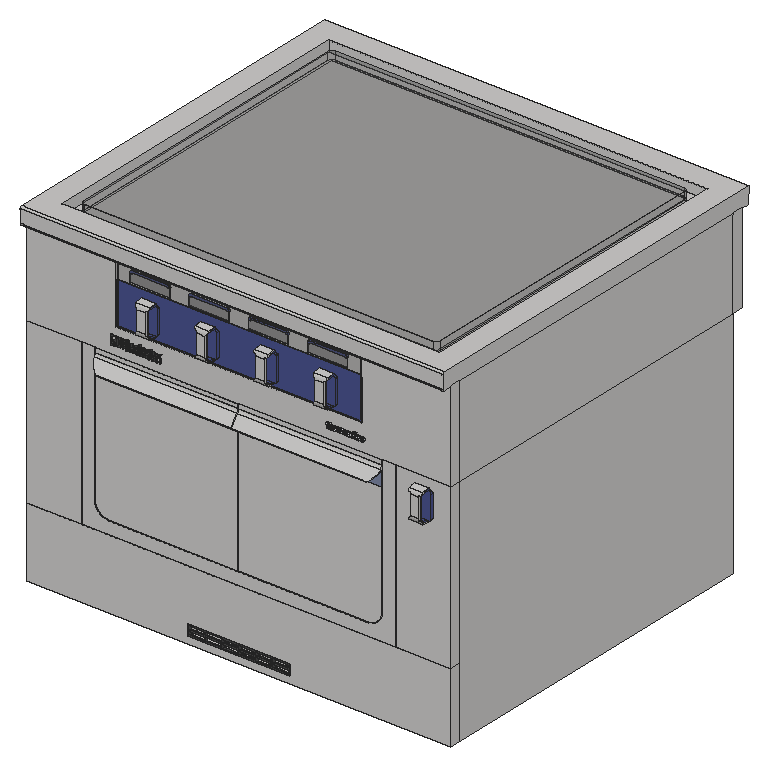
Revit family "QF_ELECTROLUXPROFESSIONAL_589674_MCIQFAJ4AO", category Attrezzature speciali, Revit 2020
Family settings
  Quota connettore circolare = Usa diametro
  Tipo di parte = Normale
  Basato su piano di lavoro = No
  Sempre verticale = Sì
  Taglio con vuoti quando caricato = No
  Condiviso = No
  Punto di calcolo locali = No
Parameters (values of type "Standard")
  Weight = 132.00 kg
  Watts = 22000 W
  Volts = 400 V
  URL Manufacturer = "https://www.electroluxprofessional.com/"
  URL = "https://www.electroluxprofessional.com/"
  Steam Supply Size = 0"
  Steam Supply Minimum Pressure = 0.00 psi
  Steam Supply Maximum Pressure = 0.00 psi
  Steam Consumption per Hour = 0
  Refrigeration Suction Line Size = 0 mm
  Refrigeration Liquid Line Size = 0 mm
  Refrigerant Compressor Remote = yes
  Prospetto di default = 0 mm
  Phase = 3
  Modello = "MCIQFAJ4AO"
  Produttore = "Electrolux Professional"
  Length Actual = 1000 mm  # constant formula
  Item Number = "589674"
  Hot Water Size = 0"
  Height Actual = 800 mm  # constant formula
  HP = "29.5 HP"
  Gas Size = 0"
  Gas KW = 0
  Gas Input Pressure = 0.0 Btu/h
  Direct Waste Size = 0"
  Descrizione = "INDUCTION,4Z,WARM CAB,1S,1000X900X800H"
  Depth Actual = 900 mm  # constant formula
  Cycle = 50 Hz
  Condensate Return Size = 0"
  Compressed Air Volume = 0 GPM
  Compressed Air Size = 0"
  Compressed Air Pressure = 0.00 psi
  Cold Water Size = 0"
  Accessory = yes
Reference planes
  plane 1 "BACK": y = 0
  plane 2: z = 0
  plane 3 "LEFT": x = -100
  plane 4 "RIGHT": x = 900
  plane 5 "FRONT": y = -900
  plane 6 "TOP": z = 900
  plane 7 "Center (Left/Right)": x = 400
  plane 8: y = -450
  plane 9: z = 100
  plane 10: y = -150
  plane 11 "Panel": y = -855
  plane 12: z = 798
  plane 13: z = 1327
  plane 14: x = -22
  plane 15: x = 822
  plane 16: y = -150
  plane 17: y = -650
  plane 18 "EIx": x = 855
  plane 19 "EIy": y = -685
  plane 20: y = -880
  plane 21: z = 938
  plane 22: x = 835
Forms (mm)
  Extrusion 1, solid, material "QF_Finishes_Stainless Steel"
    sketch origin (-178.969, -4572, 100) x (-1, 0, 0) y (0, -1, 0)
      loop
        line (-78.969, -4527) -> (-78.969, -3717) -> (-1078.969, -3717) -> (-1078.969, -4527) -> (-78.969, -4527)
    from 550 to 762.969
  Extrusion 2, solid, material "QF_Finishes_Stainless Steel"
    sketch origin (-100, 0, 0) x (0, 1, 0) y (0, 0, 1)
      loop
        line (-855, 100) -> (-855, 265) -> (-880, 265) -> (-880, 100) -> (-855, 100)
    from 0 to 1000
  Extrusion 3, solid, material "QF_Finishes_Stainless Steel"
    sketch origin (-488.969, -4662, 100) x (-1, 0, 0) y (0, -1, 0)
      loop
        circle (-1343.969, -3977) r 6.35
    from 0 to -11.851
  Extrusion 4, solid, material "QF_Finishes_Stainless Steel"
    sketch origin (400, 296.4, 1219.2) x (0, 1, 0) y (0, 0, 1)
      loop
        line (-296.4, -319.2) -> (-1191.4, -319.2)
        arc (-1191.4, -319.2) -> (-1194.935, -320.664) -> (-1196.4, -324.2) r 5
        line (-1196.4, -324.2) -> (-1196.4, -355.2)
        arc (-1196.4, -355.2) -> (-1194.971, -358.264) -> (-1191.705, -359.139) r 4
        line (-1191.705, -359.139) -> (-1176.4, -356.231) -> (-316.4, -356.231) -> (-301.094, -359.139)
        arc (-301.094, -359.139) -> (-297.829, -358.264) -> (-296.4, -355.2) r 4
        line (-296.4, -355.2) -> (-296.4, -319.2)
    from -500 to 500
  Extrusion 5, solid, material "QF_Finishes_Electrolux_Black Smoke Iluminated"
    sketch origin (0, 0, 900) x (-1, 0, 0) y (0, -1, 0)
      loop
        arc (12, 79) -> (19.071, 81.929) -> (22, 89) r 10
        line (22, 89) -> (22, 810)
        arc (22, 810) -> (19.071, 817.071) -> (12, 820) r 10
        line (12, 820) -> (-812, 820)
        arc (-812, 820) -> (-819.071, 817.071) -> (-822, 810) r 10
        line (-822, 810) -> (-822, 89)
        arc (-822, 89) -> (-819.071, 81.929) -> (-812, 79) r 10
        line (-812, 79) -> (12, 79)
    from 0 to -20
  Extrusion 6, solid, material "QF_Finishes_Stainless Steel"
    sketch origin (-178.969, -4572, 100) x (-1, 0, 0) y (0, -1, 0)
      loop
        line (-78.969, -4527) -> (-78.969, -3717) -> (-1078.969, -3717) -> (-1078.969, -4527) -> (-78.969, -4527)
    from 550 to 0
  Extrusion 7, void
    sketch origin (0, -855, 0) x (-1, 0, 0) y (0, 0, 1)
      loop
        line (-520, 116.594) -> (-280, 116.594) -> (-280, 141.594) -> (-520, 141.594) -> (-520, 116.594)
    from 0 to -25
  Extrusion 8, solid, material "QF_Finishes_Black"
    sketch origin (0, -855, 0) x (-1, 0, 0) y (0, 0, 1)
      loop
        line (-280, 141.594) -> (-520, 141.594) -> (-520, 116.594) -> (-280, 116.594) -> (-280, 141.594)
      loop
        line (-282, 139.594) -> (-319.131, 139.594) -> (-319.131, 130.094) -> (-282, 130.094) -> (-282, 139.594)
      loop
        line (-282, 118.594) -> (-282, 128.094) -> (-319.131, 128.094) -> (-319.131, 118.594) -> (-282, 118.594)
      loop
        line (-321.131, 139.594) -> (-359.066, 139.594) -> (-359.066, 130.094) -> (-321.131, 130.094) -> (-321.131, 139.594)
      loop
        line (-399, 139.594) -> (-399, 130.094) -> (-361.066, 130.094) -> (-361.066, 139.594) -> (-399, 139.594)
      loop
        line (-401, 139.594) -> (-438.934, 139.594) -> (-438.934, 130.094) -> (-401, 130.094) -> (-401, 139.594)
      loop
        line (-359.066, 118.594) -> (-321.131, 118.594) -> (-321.131, 128.094) -> (-359.066, 128.094) -> (-359.066, 118.594)
      loop
        line (-361.066, 118.594) -> (-361.066, 128.094) -> (-399, 128.094) -> (-399, 118.594) -> (-361.066, 118.594)
      loop
        line (-401, 128.094) -> (-438.934, 128.094) -> (-438.934, 118.594) -> (-401, 118.594) -> (-401, 128.094)
      loop
        line (-518, 139.594) -> (-518, 130.094) -> (-480.869, 130.094) -> (-480.869, 139.594) -> (-518, 139.594)
      loop
        line (-518, 118.594) -> (-480.869, 118.594) -> (-480.869, 128.094) -> (-518, 128.094) -> (-518, 118.594)
      loop
        line (-478.869, 139.594) -> (-478.869, 130.094) -> (-440.934, 130.094) -> (-440.934, 139.594) -> (-478.869, 139.594)
      loop
        line (-440.934, 118.594) -> (-440.934, 128.094) -> (-478.869, 128.094) -> (-478.869, 118.594) -> (-440.934, 118.594)
    from -20 to -25
  Extrusion 9, void
    sketch origin (0, 0, 900) x (-1, 0, 0) y (0, -1, 0)
      loop
        line (47, 845) -> (-847, 845) -> (-847, 54) -> (47, 54) -> (47, 845)
    from 0 to -25
  Extrusion 10, solid, material "QF_Finishes_Stainless Steel"
    sketch origin (0, 0, 900) x (-1, 0, 0) y (0, -1, 0)
      loop
        line (18, 83) -> (18, 816) -> (-818, 816) -> (-818, 83) -> (18, 83)
    from -20 to -25
  Extrusion 11, solid, material "QF_Finishes_Stainless Steel"
    sketch origin (0, -900, 0) x (1, 0, 0) y (0, 0, 1)
      loop
        line (-100, 650) -> (-100, 265) -> (30, 265) -> (30, 650) -> (-100, 650)
      loop
        line (900, 650) -> (770, 650) -> (770, 265) -> (900, 265) -> (900, 650)
    from -45 to -20
  Extrusion 12, solid, material "QF_Finishes_Stainless Steel"
    sketch origin (0, -900, 0) x (1, 0, 0) y (0, 0, 1)
      loop
        line (30, 265) -> (770, 265) -> (770, 650) -> (740, 650) -> (740, 327)
        arc (740, 327) -> (730.627, 304.373) -> (708, 295) r 32
        line (708, 295) -> (92, 295)
        arc (92, 295) -> (69.373, 304.373) -> (60, 327) r 32
        line (60, 327) -> (60, 650) -> (30, 650) -> (30, 265)
    from -45 to -20
  Extrusion 13, solid, material "QF_Finishes_Stainless Steel"
    sketch origin (400, 296.4, 1219.2) x (0, 1, 0) y (0, 0, 1)
      loop
        line (-341.4, -356.2) -> (-341.4, -569.2) -> (-316.4, -569.2) -> (-316.4, -356.2) -> (-341.4, -356.2)
    from -500 to 500
Cuts and joins
  Extrusion 7 cuts Extrusion 6
  Extrusion 7 cuts Extrusion 2
  Extrusion 9 cuts Extrusion 4
Lines and regions (mm)
  symbolic lines
    curve 1: line (-100, 0, 100) -> (900, 0, 100)
    curve 2: line (-100, -900, 100) -> (-100, 0, 100)
    curve 3: line (900, -900, 100) -> (-100, -900, 100)
    curve 4: line (900, 0, 100) -> (900, -900, 100)
    curve 5: line (812, -79, 100) -> (-12, -79, 100)
    curve 6: line (-22, -89, 100) -> (-22, -810, 100)
    curve 7: line (-12, -820, 100) -> (812, -820, 100)
    curve 8: line (822, -810, 100) -> (822, -89, 100)
    curve 9: arc (-12, -79, 100) -> (-19.071, -81.929, 100) -> (-22, -89, 100) r 10
    curve 10: arc (822, -89, 100) -> (819.071, -81.929, 100) -> (812, -79, 100) r 10
    curve 11: arc (812, -820, 100) -> (819.071, -817.071, 100) -> (822, -810, 100) r 10
    curve 12: arc (-22, -810, 100) -> (-19.071, -817.071, 100) -> (-12, -820, 100) r 10
    curve 13: line (847, -54, 900) -> (-47, -54, 900)
    curve 14: line (-47, -54, 900) -> (-47, -845, 900)
    curve 15: line (847, -845, 900) -> (847, -54, 900)
    curve 16: line (-47, -845, 900) -> (847, -845, 900)
  model lines
    curve 17: line (64.474, -422.012, 900) -> (46.796, -404.335, 900)
    curve 18: line (46.796, -404.335, 900) -> (46.796, -169.335, 900)
    curve 19: line (46.796, -169.335, 900) -> (64.474, -151.657, 900)
    curve 20: line (183.85, -245.603, 900) -> (183.85, -325.603, 900)
    curve 21: line (143.85, -285.603, 900) -> (223.85, -285.603, 900)
    curve 22: line (303.226, -422.012, 900) -> (320.903, -404.335, 900)
    curve 23: line (320.903, -404.335, 900) -> (320.903, -169.335, 900)
    curve 24: line (320.903, -169.335, 900) -> (303.226, -151.657, 900)
    curve 25: line (494.474, -422.012, 900) -> (476.796, -404.335, 900)
    curve 26: line (476.796, -404.335, 900) -> (476.796, -169.335, 900)
    curve 27: line (476.796, -169.335, 900) -> (494.474, -151.657, 900)
    curve 28: line (613.85, -245.603, 900) -> (613.85, -325.603, 900)
    curve 29: line (573.85, -285.603, 900) -> (653.85, -285.603, 900)
    curve 30: line (733.226, -422.012, 900) -> (750.903, -404.335, 900)
    curve 31: line (750.903, -404.335, 900) -> (750.903, -169.335, 900)
    curve 32: line (750.903, -169.335, 900) -> (733.226, -151.657, 900)
    curve 33: line (64.474, -477.988, 900) -> (46.796, -495.665, 900)
    curve 34: line (46.796, -495.665, 900) -> (46.796, -730.665, 900)
    curve 35: line (46.796, -730.665, 900) -> (64.474, -748.343, 900)
    curve 36: line (183.85, -654.397, 900) -> (183.85, -574.397, 900)
    curve 37: line (143.85, -614.397, 900) -> (223.85, -614.397, 900)
    curve 38: line (303.226, -477.988, 900) -> (320.903, -495.665, 900)
    curve 39: line (320.903, -495.665, 900) -> (320.903, -730.665, 900)
    curve 40: line (320.903, -730.665, 900) -> (303.226, -748.343, 900)
    curve 41: line (494.474, -477.988, 900) -> (476.796, -495.665, 900)
    curve 42: line (476.796, -495.665, 900) -> (476.796, -730.665, 900)
    curve 43: line (476.796, -730.665, 900) -> (494.474, -748.343, 900)
    curve 44: line (613.85, -654.397, 900) -> (613.85, -574.397, 900)
    curve 45: line (573.85, -614.397, 900) -> (653.85, -614.397, 900)
    curve 46: line (733.226, -477.988, 900) -> (750.903, -495.665, 900)
    curve 47: line (750.903, -495.665, 900) -> (750.903, -730.665, 900)
    curve 48: line (750.903, -730.665, 900) -> (733.226, -748.343, 900)
    curve 49: line (-7.896, -110.891, 900) -> (13.317, -89.677, 900)
    curve 50: line (13.317, -89.677, 900) -> (786.683, -89.677, 900)
    curve 51: line (807.896, -110.891, 900) -> (786.683, -89.677, 900)
    curve 52: line (-7.896, -789.109, 900) -> (13.317, -810.323, 900)
    curve 53: line (13.317, -810.323, 900) -> (786.683, -810.323, 900)
    curve 54: line (807.896, -789.109, 900) -> (786.683, -810.323, 900)
Dimensions and locks
  plane 3 "LEFT" to plane 4 "RIGHT" = 1000 mm
  plane 5 "FRONT" to plane 1 "BACK" = 900 mm
  plane 3 "LEFT" to plane 7 "Center (Left/Right)" to plane 4 "RIGHT" = 500 mm, 500 mm
  equal spacing: plane 5 "FRONT", plane 8, plane 1 "BACK"
  plane 6 "TOP" to level = 900 mm  (x2)
  plane 9 to level = 100 mm
  plane 1 "BACK" to plane 10 to plane 11 "Panel" = 150 mm, 705 mm  (x2)
  plane 6 "TOP" to plane 9 to level = 800 mm, 100 mm
  plane 1 "BACK" to plane 5 "FRONT" = 900 mm
  plane 1 "BACK" to Extrusion 3 = 685 mm
  plane 12 to plane 9 = 698 mm
  plane 13 to plane 6 "TOP" = 427 mm
  plane 6 "TOP" to plane 12 = 102 mm
  plane 14 to plane 3 "LEFT" = 78 mm
  plane 15 to plane 4 "RIGHT" = 78 mm
  locked: plane 1 "BACK" to plane 16 at 150
  locked: plane 16 to plane 17 at 500
  plane 11 "Panel" to plane 5 "FRONT" = 45 mm
  plane 18 "EIx" to plane 4 "RIGHT" = 45 mm
  plane 19 "EIy" to plane 1 "BACK" = 685 mm
  locked: plane 11 "Panel" to plane 20 at 25
  plane 21 to plane 6 "TOP" = 38 mm
  plane 22 to plane 4 "RIGHT" = 65 mm
  aligned and locked: level to plane 2
  aligned and locked: Extrusion 2 to plane 4 "RIGHT"
  aligned and locked: cut or joined group of Extrusion 4, Extrusion 9 to plane 3 "LEFT"
  aligned and locked: cut or joined group of Extrusion 4, Extrusion 9 to plane 4 "RIGHT"
  aligned and locked: cut or joined group of Extrusion 6, Extrusion 7 to plane 4 "RIGHT"
  aligned and locked: cut or joined group of Extrusion 6, Extrusion 7 to plane 3 "LEFT"
  aligned and locked: nested 2 to plane 11 "Panel"
  aligned and locked: Extrusion 1 to plane 11 "Panel"
  aligned and locked: plane 11 "Panel" to cut or joined group of Extrusion 2, Extrusion 7
  aligned and locked: nested 1 to plane 20
  aligned and locked: Extrusion 1 to plane 3 "LEFT"
  aligned and locked: Extrusion 1 to plane 4 "RIGHT"
  aligned and locked: plane 7 "Center (Left/Right)" to nested 3
  aligned and locked: cut or joined group of Extrusion 6, Extrusion 7 to nested 3
  aligned and locked: plane 11 "Panel" to Extrusion 11
  aligned and locked: plane 20 to Extrusion 11
  aligned and locked: Extrusion 12 to plane 20
  aligned and locked: plane 11 "Panel" to Extrusion 12
  aligned and locked: plane 22 to nested 1
  aligned and locked: Extrusion 13 to plane 3 "LEFT"
  aligned and locked: Extrusion 13 to plane 4 "RIGHT"
  aligned and locked: Extrusion 13 to cut or joined group of Extrusion 6, Extrusion 7
Automatic sketch dimensions
  Extrusion 1 sketch curve to plane 4 "RIGHT" = 0 mm
  Extrusion 1 sketch curve to plane 3 "LEFT" = 0 mm
  Extrusion 1 sketch curve to plane 11 "Panel" = 0 mm
  plane 1 "BACK" to Extrusion 1 sketch curve = 45 mm
  Extrusion 2 sketch curve to plane 9 = 0 mm
  Extrusion 2 sketch curve to plane 20 = 0 mm
  Extrusion 2 sketch curve to plane 11 "Panel" = 0 mm
  plane 9 to Extrusion 2 sketch curve = 165 mm
  plane 1 "BACK" to curve 1 = 0 mm
  curve 1 to plane 4 "RIGHT" = 0 mm
  curve 8 to plane 15 = 0 mm
  curve 6 to plane 14 = 0 mm
  curve 2 to plane 3 "LEFT" = 0 mm
  plane 5 "FRONT" to curve 3 = 0 mm
  plane 15 to curve 5 = 10 mm
  plane 15 to curve 11 = 10 mm
  curve 5 to plane 14 = 10 mm
  curve 12 to curve 12 = 10 mm
  plane 10 to curve 5 = 71 mm
  plane 11 "Panel" to curve 11 = 45 mm
  Extrusion 3 sketch curve to plane 18 "EIx" = 0 mm
  Extrusion 3 sketch curve to plane 19 "EIy" = 0 mm
  Extrusion 4 sketch curve to plane 5 "FRONT" = 0 mm
  Extrusion 4 sketch curve to plane 6 "TOP" = 0 mm
  Extrusion 4 sketch curve to plane 20 = 0 mm
  Extrusion 4 sketch curve to plane 1 "BACK" = 0 mm
  Extrusion 4 sketch curve to Extrusion 4 sketch curve = 4 mm
  Extrusion 4 sketch curve to Extrusion 4 sketch curve = 0.695 mm
  Extrusion 4 sketch curve to plane 5 "FRONT" = 5 mm
  plane 1 "BACK" to Extrusion 4 sketch curve = 20 mm
  plane 1 "BACK" to Extrusion 4 sketch curve = 4.695 mm
  plane 1 "BACK" to Extrusion 4 sketch curve = 4 mm
  Extrusion 4 sketch curve to Extrusion 4 sketch curve = 31 mm
  Extrusion 4 sketch curve to Extrusion 4 sketch curve = 36 mm
  Extrusion 4 sketch curve to Extrusion 4 sketch curve = 2.909 mm
  Extrusion 5 sketch curve to plane 15 = 0 mm
  Extrusion 5 sketch curve to plane 14 = 0 mm
  plane 15 to Extrusion 5 sketch curve = 10 mm  (x2)
  Extrusion 5 sketch curve to Extrusion 5 sketch curve = 10 mm  (x2)
  plane 10 to Extrusion 5 sketch curve = 71 mm
  plane 11 "Panel" to Extrusion 5 sketch curve = 45 mm
  Extrusion 6 sketch curve to plane 4 "RIGHT" = 0 mm
  Extrusion 6 sketch curve to plane 3 "LEFT" = 0 mm
  Extrusion 6 sketch curve to plane 11 "Panel" = 0 mm
  plane 1 "BACK" to Extrusion 6 sketch curve = 45 mm
  plane 9 to Extrusion 7 sketch curve = 41.594 mm
  plane 7 "Center (Left/Right)" to Extrusion 7 sketch curve = 120 mm
  Extrusion 7 sketch curve to plane 7 "Center (Left/Right)" = 120 mm
  plane 9 to Extrusion 7 sketch curve = 16.594 mm
  plane 9 to Extrusion 8 sketch curve = 41.594 mm
  plane 7 "Center (Left/Right)" to Extrusion 8 sketch curve = 120 mm
  Extrusion 8 sketch curve to Extrusion 8 sketch curve = 2 mm  (x15)
  Extrusion 8 sketch curve to Extrusion 8 sketch curve = 0 mm  (x16)
  Extrusion 8 sketch curve to Extrusion 8 sketch curve = 37.131 mm  (x2)
  Extrusion 8 sketch curve to Extrusion 8 sketch curve = 37.934 mm  (x3)
  plane 7 "Center (Left/Right)" to Extrusion 8 sketch curve = 1 mm  (x2)
  Extrusion 8 sketch curve to plane 7 "Center (Left/Right)" = 1 mm  (x2)
  plane 9 to Extrusion 8 sketch curve = 18.594 mm  (x4)
  Extrusion 8 sketch curve to Extrusion 8 sketch curve = 9.5 mm  (x6)
  plane 18 "EIx" to Extrusion 9 sketch curve = 8 mm
  plane 14 to Extrusion 9 sketch curve = 25 mm
  plane 1 "BACK" to Extrusion 9 sketch curve = 54 mm
  plane 11 "Panel" to Extrusion 9 sketch curve = 10 mm
  plane 15 to Extrusion 10 sketch curve = 4 mm
  Extrusion 10 sketch curve to plane 14 = 4 mm
  plane 10 to Extrusion 10 sketch curve = 67 mm
  plane 11 "Panel" to Extrusion 10 sketch curve = 39 mm
  plane 18 "EIx" to curve 13 = 8 mm
  plane 15 to curve 53 = 35.317 mm
  plane 15 to curve 51 = 35.317 mm
  plane 15 to curve 46 = 71.097 mm
  curve 32 to plane 10 = 19.335 mm
  plane 15 to curve 32 = 71.097 mm
  curve 27 to plane 10 = 19.335 mm
  plane 7 "Center (Left/Right)" to curve 27 = 76.796 mm
  plane 7 "Center (Left/Right)" to curve 43 = 76.796 mm
  curve 24 to plane 10 = 19.335 mm
  curve 24 to plane 7 "Center (Left/Right)" = 79.097 mm
  curve 40 to plane 7 "Center (Left/Right)" = 79.097 mm
  curve 35 to plane 14 = 68.796 mm
  curve 19 to plane 10 = 19.335 mm
  curve 19 to plane 14 = 68.796 mm
  curve 50 to plane 14 = 35.317 mm
  curve 53 to plane 14 = 35.317 mm
  plane 14 to curve 14 = 25 mm
  plane 10 to curve 50 = 60.323 mm
  plane 1 "BACK" to curve 15 = 54 mm
  plane 8 to curve 26 = 45.665 mm
  plane 8 to curve 17 = 45.665 mm
  plane 8 to curve 30 = 45.665 mm
  plane 8 to curve 22 = 45.665 mm
  curve 34 to plane 8 = 45.665 mm
  curve 42 to plane 8 = 45.665 mm
  curve 38 to plane 8 = 45.665 mm
  curve 46 to plane 8 = 45.665 mm
  curve 42 to plane 19 "EIy" = 45.665 mm
  curve 40 to plane 19 "EIy" = 45.665 mm
  curve 34 to plane 19 "EIy" = 45.665 mm
  curve 47 to plane 19 "EIy" = 45.665 mm
  plane 11 "Panel" to curve 54 = 44.677 mm
  plane 11 "Panel" to curve 15 = 10 mm
  plane 15 to curve 54 = 14.104 mm
  plane 15 to curve 51 = 14.104 mm
  curve 46 to plane 8 = 27.988 mm
  curve 46 to curve 46 = 17.678 mm
  curve 47 to curve 48 = 17.678 mm  (x2)
  curve 32 to plane 10 = 1.657 mm
  curve 31 to curve 32 = 17.678 mm
  plane 8 to curve 30 = 27.988 mm
  curve 30 to curve 30 = 17.678 mm
  curve 45 to plane 17 = 35.603 mm
  curve 47 to curve 45 = 97.053 mm
  curve 31 to curve 29 = 97.053 mm
  plane 17 to curve 44 = 4.397 mm
  curve 45 to curve 44 = 40 mm
  curve 29 to curve 28 = 40 mm  (x2)
  curve 28 to curve 29 = 40 mm  (x2)
  curve 44 to curve 45 = 40 mm  (x2)
  curve 43 to curve 42 = 17.678 mm
  plane 8 to curve 25 = 27.988 mm
  curve 25 to curve 25 = 17.678 mm
  curve 41 to plane 8 = 27.988 mm
  curve 41 to curve 41 = 17.678 mm
  curve 27 to plane 10 = 1.657 mm
  curve 27 to curve 26 = 17.678 mm
  curve 38 to plane 8 = 27.988 mm
  curve 38 to curve 38 = 17.678 mm
  plane 8 to curve 22 = 27.988 mm
  curve 22 to curve 22 = 17.678 mm
  curve 24 to plane 10 = 1.657 mm
  curve 23 to curve 24 = 17.678 mm
  curve 39 to curve 40 = 17.678 mm  (x2)
  curve 37 to plane 17 = 35.603 mm
  curve 39 to curve 37 = 97.053 mm
  curve 23 to curve 21 = 97.053 mm
  curve 21 to curve 20 = 40 mm  (x2)
  plane 17 to curve 36 = 4.397 mm
  curve 37 to curve 36 = 40 mm
  curve 36 to curve 37 = 40 mm  (x2)
  curve 20 to curve 21 = 40 mm  (x2)
  plane 8 to curve 17 = 27.988 mm
  curve 17 to curve 17 = 17.678 mm
  curve 19 to plane 10 = 1.657 mm
  curve 19 to curve 18 = 17.678 mm
  curve 33 to plane 8 = 27.988 mm
  curve 33 to curve 33 = 17.678 mm
  curve 35 to curve 34 = 17.678 mm
  curve 49 to plane 14 = 14.104 mm
  curve 52 to plane 14 = 14.104 mm
  curve 49 to curve 49 = 21.213 mm
  curve 50 to curve 51 = 21.213 mm
  curve 28 to plane 10 = 95.603 mm
  curve 20 to plane 10 = 95.603 mm
  curve 42 to curve 43 = 17.678 mm
  curve 34 to curve 35 = 17.678 mm
  curve 54 to curve 53 = 21.213 mm
  curve 52 to curve 52 = 21.213 mm
  Extrusion 11 sketch curve to plane 3 "LEFT" = 0 mm
  plane 4 "RIGHT" to Extrusion 11 sketch curve = 0 mm
  Extrusion 11 sketch curve to plane 14 = 52 mm
  plane 15 to Extrusion 11 sketch curve = 52 mm
  plane 9 to Extrusion 11 sketch curve = 165 mm  (x2)
  Extrusion 11 sketch curve to plane 12 = 148 mm  (x2)
  Extrusion 12 sketch curve to plane 14 = 52 mm
  Extrusion 12 sketch curve to Extrusion 12 sketch curve = 30 mm  (x2)
  Extrusion 12 sketch curve to Extrusion 12 sketch curve = 32 mm  (x2)
  plane 15 to Extrusion 12 sketch curve = 114 mm
  plane 15 to Extrusion 12 sketch curve = 52 mm
  plane 9 to Extrusion 12 sketch curve = 165 mm
  Extrusion 12 sketch curve to plane 12 = 148 mm  (x2)
  plane 1 "BACK" to Extrusion 13 sketch curve = 45 mm
  plane 1 "BACK" to Extrusion 13 sketch curve = 20 mm
  Extrusion 13 sketch curve to plane 12 = 148 mm
  Extrusion 13 sketch curve to plane 6 "TOP" = 37 mm
  radius of Extrusion 3 sketch curve = 6.35 mm
Nested families
  nested 1: "FIT Range Control Handle" at (835, -883.137, -372.751), type "FIT Range Control Handle"
  nested 2: "Front_Panel_W1000_4 Knobs" at (102.376, -855, 0), type "Front_Panel_W1000_4 Knobs"
  nested 3: "H450H2W1000_2DOOR" at (363.958, -855, 200) x (1, 0, 0) z (0, -1, 0), type "H450H2W1000_2DOOR"
    with Width 680 mm, Wdoor 340 mm, Show Clearance yes
Connectors
  electrical at (855, -685, 88.149)
    settings: on Extrusion 3, index 1, voltage 400 V, apparent load 33000 VA, apparent load phase1 0 VA, apparent load phase2 0 VA, apparent load phase3 0 VA, power factor 1, load classification "Other", number of poles 1, system type 30, power factor state 1, is connector primary yes, connector utility no, sub classification motor no, connector description "ELECTRICAL CONNECTION"
Definition of nested family "FIT Range Control Handle"
  Parameters
    Default Elevation = 0 mm
  Reference planes
    plane 1 "Center (Front/Back)": y = 0
    plane 2: z = 0
    plane 3 "Center (Left/Right)": x = 0
    plane 4: z = 971.092
    plane 5: y = -16.8
  Forms (mm)
    Extrusion 1, solid
      sketch origin (-746.28, 380.497, 208.931) x (-1, 0, 0) y (0, 0, 1)
        loop
          line (-770.101, 786.798) -> (-770.101, 731.649)
          arc (-770.101, 731.649) -> (-769.759, 730.563) -> (-768.855, 729.87) r 1.893
          line (-768.855, 729.87) -> (-763.474, 727.911) -> (-729.81, 727.911) -> (-724.428, 729.87)
          arc (-724.428, 729.87) -> (-723.525, 730.563) -> (-723.183, 731.649) r 1.893
          line (-723.183, 731.649) -> (-723.183, 786.798)
          arc (-723.183, 786.798) -> (-723.529, 787.894) -> (-724.44, 788.593) r 1.91
          line (-724.44, 788.593) -> (-729.683, 790.819) -> (-763.601, 790.819) -> (-768.844, 788.593)
          arc (-768.844, 788.593) -> (-769.755, 787.894) -> (-770.101, 786.798) r 1.91
      from -382.35 to -378.852
    Sweep 2, solid
      path origin (-746.788, 380.496, 208.091) x (0, -1, 0) y (0, 0, 1)
        loop
          line (379.775, 793.281) -> (395.661, 791.048)
          arc (395.661, 791.048) -> (397.781, 787.377) -> (398.517, 783.202) r 12.207
          line (398.517, 783.202) -> (398.517, 737.368)
          arc (398.517, 737.368) -> (397.781, 733.193) -> (395.661, 729.522) r 12.207
          line (395.661, 729.522) -> (379.775, 727.289)
      profile origin (-746.788, -7.222, 1000.256) x (0, -0.139173, 0.990268) y (-1, 0, 0)
        loop
          line (0.782, -763.123) -> (0.782, -730.907) -> (-1.322, -730.907) -> (-1.322, -763.123) -> (0.782, -763.123)
    Sweep 3, solid
      path origin (-746.788, 380.715, 207.832) x (0, -1, 0) y (0, 0, 1)
        loop
          line (380.478, 795.442) -> (397.218, 793.09)
          arc (397.218, 793.09) -> (399.929, 788.473) -> (400.871, 783.202) r 15.207
          line (400.871, 783.202) -> (400.871, 737.584)
          arc (400.871, 737.584) -> (399.914, 732.274) -> (397.164, 727.633) r 15.207
          line (397.164, 727.633) -> (380.601, 725.305)
      profile origin (-746.788, -8.132, 1002.099) x (0, -0.139173, 0.990268) y (-1, 0, 0)
        loop
          line (0.782, -763.123) -> (0.782, -730.907) -> (-1.322, -730.907) -> (-1.322, -763.123) -> (0.782, -763.123)
    Extrusion 4, void
      sketch origin (889.253, 220.666, 207.993) x (1, 0, 0) y (0, 0, 1)
        loop
          line (-943.038, 816.854) -> (-943.038, 703.686) -> (-899.466, 734.196) -> (-899.466, 786.344) -> (-943.038, 816.854)
      from 230.636 to 242.25
    Extrusion 5, void
      sketch origin (-888.8, 220.666, 207.993) x (-1, 0, 0) y (0, 0, -1)
        loop
          line (-943.038, -816.854) -> (-899.466, -786.344) -> (-899.466, -734.196) -> (-943.038, -703.686) -> (-943.038, -816.854)
      from 230.636 to 242.25
    Extrusion 6, solid
      sketch origin (0, 0, 0) x (1, 0, 0) y (0, 0, 1)
        loop
          circle (0, 971.092) r 7.736
      from -3.137 to -1.645
  Cuts and joins
    Extrusion 4, Extrusion 5 cuts Sweep 3
    Extrusion 4, Extrusion 5 cuts Sweep 2
    joined: Extrusion 1, Extrusion 6
  Lines and regions (mm)
    symbolic lines
      curve 1: line (-15.881, -19.189, 0) -> (-15.881, -16.8, 0)
      curve 2: line (16.334, -19.189, 0) -> (16.334, -16.8, 0)
      curve 3: spline (-15.881, -19.189, 0) -> (-15.417, -19.349, 0) -> (-14.951, -19.501, 0) -> (-14.483, -19.646, 0) -> (-14.014, -19.783, 0) -> (-13.543, -19.912, 0) -> (-13.071, -20.033, 0) -> (-12.597, -20.146, 0) -> (-12.122, -20.251, 0) -> (-11.646, -20.349, 0) -> (-11.169, -20.438, 0) -> (-10.691, -20.52, 0) -> (-10.213, -20.593, 0)
      curve 4: spline (10.666, -20.593, 0) -> (11.144, -20.52, 0) -> (11.622, -20.438, 0) -> (12.099, -20.349, 0) -> (12.575, -20.251, 0) -> (13.05, -20.146, 0) -> (13.524, -20.033, 0) -> (13.996, -19.912, 0) -> (14.467, -19.783, 0) -> (14.936, -19.646, 0) -> (15.404, -19.501, 0) -> (15.87, -19.349, 0) -> (16.334, -19.189, 0)
      curve 5: line (-10.213, -20.938, 0) -> (10.716, -20.938, 0)
  Dimensions and locks
    cut or joined group of Sweep 3, Extrusion 4, Extrusion 5 to cut or joined group of Sweep 3, Extrusion 4, Extrusion 5 = 71.686 mm
Definition of nested family "Front_Panel_W1000_4 Knobs"
  Parameters
    Default Elevation = 0 mm
  Reference planes
    plane 1 "Center (Front/Back)": y = 0
    plane 2: z = 0
    plane 3 "Center (Left/Right)": x = 297.624
    plane 4 "Left": x = -202.376
    plane 5 "Right": x = 797.624
    plane 6: y = -45
    plane 7: x = 87.624
    plane 8: x = 227.624
    plane 9: y = -310
    plane 10: y = -25
    plane 11: x = -2.376
    plane 12: x = 367.624
    plane 13: x = 507.624
    plane 14: x = 594.715
  Forms (mm)
    Extrusion 1, solid
      sketch origin (833.217, 829.203, -1.25) x (0, 1, 0) y (0, 0, 1)
        loop
          line (-854.203, 651.25) -> (-829.203, 651.25) -> (-829.203, 864.25) -> (-854.203, 864.25) -> (-854.203, 651.25)
      from -1035.593 to -35.593
    Extrusion 2, void
      sketch origin (0, 0, 0) x (1, 0, 0) y (0, 0, 1)
        loop
          line (7.624, 853.866) -> (7.624, 711.866) -> (587.624, 711.866) -> (587.624, 853.866) -> (7.624, 853.866)
      from 19.387 to 33.951
  Cuts and joins
    Extrusion 2 cuts Extrusion 1
  Lines and regions (mm)
    symbolic lines
      curve 1: line (131.124, -45, 0) -> (131.124, -310, 0)
      curve 2: line (131.124, -310, 0) -> (464.124, -310, 0)
      curve 3: line (235.966, -310, 0) -> (240.646, -334.075, 0)
      curve 4: line (240.646, -334.075, 0) -> (354.603, -334.075, 0)
      curve 5: line (354.603, -334.075, 0) -> (359.283, -310, 0)
      curve 6: line (464.124, -310, 0) -> (464.124, -45, 0)
      curve 7: line (131.124, -300, 0) -> (464.124, -300, 0)
      curve 8: line (240.874, -309.046, 0) -> (244.767, -329.075, 0)
      curve 9: line (244.767, -329.075, 0) -> (350.481, -329.075, 0)
      curve 10: line (350.481, -329.075, 0) -> (354.375, -309.046, 0)
  Dimensions and locks
    equal spacing: plane 5 "Right", plane 3 "Center (Left/Right)", plane 4 "Left"
    plane 5 "Right" to plane 4 "Left" = 1000 mm
    plane 3 "Center (Left/Right)" to plane 7 = 210 mm
    plane 3 "Center (Left/Right)" to plane 8 = 70 mm
    plane 6 to plane 9 = 265 mm
    plane 13 to plane 3 "Center (Left/Right)" = 210 mm
    plane 12 to plane 3 "Center (Left/Right)" = 70 mm
    aligned and locked: cut or joined group of Extrusion 1, Extrusion 2 to plane 4 "Left"
    aligned and locked: plane 5 "Right" to cut or joined group of Extrusion 1, Extrusion 2
    aligned and locked: plane 3 "Center (Left/Right)" to nested 2
    aligned and locked: cut or joined group of Extrusion 1, Extrusion 2 to nested 2
  Automatic sketch dimensions
    Extrusion 1 sketch curve to plane 1 "Center (Front/Back)" = 0 mm
    level to Extrusion 1 sketch curve = 650 mm
    plane 4 "Left" to Extrusion 2 sketch curve = 210 mm
    Extrusion 2 sketch curve to plane 5 "Right" = 210 mm
    level to Extrusion 2 sketch curve = 711.866 mm
    Extrusion 2 sketch curve to Extrusion 2 sketch curve = 142 mm
    plane 6 to curve 1 = 0 mm
    plane 6 to curve 6 = 0 mm
    plane 9 to curve 1 = 0 mm
    plane 7 to curve 1 = 43.5 mm
    curve 4 to plane 9 = 24.075 mm
    plane 8 to curve 4 = 13.021 mm
    curve 3 to curve 8 = 4.122 mm
    plane 3 "Center (Left/Right)" to curve 4 = 56.979 mm
    curve 4 to curve 2 = 109.521 mm
    plane 8 to curve 3 = 8.342 mm
    curve 3 to curve 8 = 4.908 mm
    curve 9 to curve 4 = 4.122 mm
    curve 10 to plane 9 = 19.075 mm
    curve 9 to curve 5 = 8.801 mm
    plane 9 to curve 10 = 0.954 mm
    curve 10 to curve 5 = 4.908 mm
    curve 3 to curve 8 = 0.954 mm
    curve 1 to curve 7 = 10 mm
    Extrusion 1 sketch curve to plane 6 = 20 mm
    Extrusion 1 sketch curve to Extrusion 1 sketch curve = 213 mm
  Nested families
    nested 1: "Range Control Handle" at (87.624, -28.137, -209.113) x (-1, 0, 0) z (0, 0, 1), type "Range Control Handle"
    nested 2: "Front glass control panel W1000" at (297.624, 280.644, 2.752), type "Front glass control panel W1000"
    nested 3: "Range Control Handle" at (227.624, -28.137, -209.113) x (-1, 0, 0) z (0, 0, 1), type "Range Control Handle"
    nested 4: "Range Control Handle" at (367.624, -28.137, -209.113), type "Range Control Handle"
    nested 5: "Range Control Handle" at (507.624, -28.137, -209.113), type "Range Control Handle"
    nested 6: "ELX_ThermaLine_Small" at (546.122, -25, 679.426) x (1, 0, 0) z (0, -1, 0), type "ELX_ThermaLine_Small"
      with Show Logo yes, Material_Logo none
    nested 7: "ELX_Professional_Logo_Small" at (57.11, -25, 681.659) x (1, 0, 0) z (0, -1, 0), type "ELX_Professional_Logo_Small"
      with Show Logo yes, Material_Logo none
  Definition of nested family "Range Control Handle"
    Parameters
      Default Elevation = 0 mm
    Reference planes
      plane 1 "Center (Front/Back)": y = 0
      plane 2: z = 0
      plane 3 "Center (Left/Right)": x = 0
      plane 4: z = 971.092
      plane 5: y = -16.9
    Forms (mm)
      Extrusion 1, solid
        sketch origin (-746.28, 380.497, 208.931) x (-1, 0, 0) y (0, 0, 1)
          loop
            line (-770.101, 786.798) -> (-770.101, 731.649)
            arc (-770.101, 731.649) -> (-769.759, 730.563) -> (-768.855, 729.87) r 1.893
            line (-768.855, 729.87) -> (-763.474, 727.911) -> (-729.81, 727.911) -> (-724.428, 729.87)
            arc (-724.428, 729.87) -> (-723.525, 730.563) -> (-723.183, 731.649) r 1.893
            line (-723.183, 731.649) -> (-723.183, 786.798)
            arc (-723.183, 786.798) -> (-723.529, 787.894) -> (-724.44, 788.593) r 1.91
            line (-724.44, 788.593) -> (-729.683, 790.819) -> (-763.601, 790.819) -> (-768.844, 788.593)
            arc (-768.844, 788.593) -> (-769.755, 787.894) -> (-770.101, 786.798) r 1.91
        from -382.35 to -378.852
      Sweep 2, solid
        path origin (-746.788, 380.496, 208.091) x (0, -1, 0) y (0, 0, 1)
          loop
            line (379.775, 793.281) -> (395.661, 791.048)
            arc (395.661, 791.048) -> (397.781, 787.377) -> (398.517, 783.202) r 12.207
            line (398.517, 783.202) -> (398.517, 737.368)
            arc (398.517, 737.368) -> (397.781, 733.193) -> (395.661, 729.522) r 12.207
            line (395.661, 729.522) -> (379.775, 727.289)
        profile origin (-746.788, -7.222, 1000.256) x (0, -0.139173, 0.990268) y (-1, 0, 0)
          loop
            line (0.782, -763.123) -> (0.782, -730.907) -> (-1.322, -730.907) -> (-1.322, -763.123) -> (0.782, -763.123)
      Sweep 3, solid
        path origin (-746.788, 380.715, 207.832) x (0, -1, 0) y (0, 0, 1)
          loop
            line (380.478, 795.442) -> (397.218, 793.09)
            arc (397.218, 793.09) -> (399.929, 788.473) -> (400.871, 783.202) r 15.207
            line (400.871, 783.202) -> (400.871, 737.584)
            arc (400.871, 737.584) -> (399.914, 732.274) -> (397.164, 727.633) r 15.207
            line (397.164, 727.633) -> (380.601, 725.305)
        profile origin (-746.788, -8.132, 1002.099) x (0, -0.139173, 0.990268) y (-1, 0, 0)
          loop
            line (0.782, -763.123) -> (0.782, -730.907) -> (-1.322, -730.907) -> (-1.322, -763.123) -> (0.782, -763.123)
      Extrusion 4, void
        sketch origin (889.253, 220.666, 207.993) x (1, 0, 0) y (0, 0, 1)
          loop
            line (-943.038, 816.854) -> (-943.038, 703.686) -> (-899.466, 734.196) -> (-899.466, 786.344) -> (-943.038, 816.854)
        from 230.636 to 242.25
      Extrusion 5, void
        sketch origin (-888.8, 220.666, 207.993) x (-1, 0, 0) y (0, 0, -1)
          loop
            line (-943.038, -816.854) -> (-899.466, -786.344) -> (-899.466, -734.196) -> (-943.038, -703.686) -> (-943.038, -816.854)
        from 230.636 to 242.25
      Extrusion 6, solid
        sketch origin (0, 0, 0) x (1, 0, 0) y (0, 0, 1)
          loop
            circle (0, 971.092) r 7.736
        from -3.137 to -1.645
    Cuts and joins
      Extrusion 4, Extrusion 5 cuts Sweep 3
      Extrusion 4, Extrusion 5 cuts Sweep 2
      joined: Extrusion 1, Extrusion 6
    Lines and regions (mm)
      symbolic lines
        curve 1: line (16.334, -16.9, 0) -> (16.334, -19.227, 0)
        curve 2: spline (16.334, -19.227, 0) -> (15.87, -19.385, 0) -> (15.404, -19.536, 0) -> (14.936, -19.678, 0) -> (14.466, -19.813, 0) -> (13.995, -19.94, 0) -> (13.523, -20.059, 0) -> (13.049, -20.171, 0) -> (12.575, -20.274, 0) -> (12.099, -20.37, 0) -> (11.622, -20.458, 0) -> (11.144, -20.537, 0) -> (10.666, -20.609, 0)
        curve 3: line (10.666, -16.9, 0) -> (10.666, -20.938, 0)
        curve 4: line (-10.213, -20.938, 0) -> (10.666, -20.938, 0)
        curve 5: line (-10.213, -20.938, 0) -> (-10.213, -16.9, 0)
        curve 6: spline (-10.213, -20.609, 0) -> (-10.691, -20.537, 0) -> (-11.169, -20.458, 0) -> (-11.646, -20.37, 0) -> (-12.122, -20.274, 0) -> (-12.597, -20.171, 0) -> (-13.07, -20.059, 0) -> (-13.542, -19.94, 0) -> (-14.013, -19.813, 0) -> (-14.483, -19.678, 0) -> (-14.951, -19.536, 0) -> (-15.417, -19.385, 0) -> (-15.881, -19.227, 0)
        curve 7: line (-15.881, -19.227, 0) -> (-15.881, -16.9, 0)
  Definition of nested family "Front glass control panel W1000"
    Parameters
      Default Elevation = 0 mm
    Reference planes
      plane 1 "Center (Front/Back)": y = 0
      plane 2: z = 0
      plane 3 "Center (Left/Right)": x = 0
    Forms (mm)
      Extrusion 1, solid
        sketch origin (378.286, 0, 0.617) x (1, 0, 0) y (0, 0, 1)
          loop
            line (-668.286, 806.791) -> (-668.286, 708.497) -> (-88.286, 708.497) -> (-88.286, 806.791) -> (-668.286, 806.791)
        from 300.031 to 304.8
      Extrusion 2, solid
        sketch origin (378.286, 0, 0.617) x (1, 0, 0) y (0, 0, 1)
          loop
            line (-668.286, 850.497) -> (-668.286, 806.791) -> (-88.286, 806.791) -> (-88.286, 850.497) -> (-668.286, 850.497)
        from 300.031 to 304.8
      Extrusion 3, void
        sketch origin (378.286, 0, 0.617) x (1, 0, 0) y (0, 0, 1)
          loop
            line (-665.628, 847.565) -> (-665.628, 710.699) -> (-91.196, 710.699) -> (-91.196, 847.565) -> (-665.628, 847.565)
        from 303.697 to 304.8
      Extrusion 4, solid
        sketch origin (-378.333, 1.101, -0.633) x (-1, 0, 0) y (0, 0, -1)
          loop
            line (-261.431, -812.62) -> (-355.186, -812.62) -> (-355.186, -834.177) -> (-350.269, -834.177) -> (-348.469, -835.977) -> (-268.039, -835.977) -> (-266.24, -834.177) -> (-261.431, -834.177) -> (-261.431, -812.62)
        from 304.798 to 306.745
      Extrusion 5, solid
        sketch origin (-378.333, 1.101, -0.633) x (-1, 0, 0) y (0, 0, -1)
          loop
            line (-350.269, -834.177) -> (-355.078, -834.177)
            arc (-355.078, -834.177) -> (-353.942, -838.747) -> (-349.686, -840.763) r 5.5
            line (-349.686, -840.763) -> (-266.98, -840.763)
            arc (-266.98, -840.763) -> (-262.706, -838.752) -> (-261.529, -834.177) r 5.549
            line (-261.529, -834.177) -> (-266.24, -834.177) -> (-268.039, -835.977) -> (-348.469, -835.977) -> (-350.269, -834.177)
        from 304.798 to 306.745
      Extrusion 6, solid
        sketch origin (-518.333, 1.101, -0.633) x (-1, 0, 0) y (0, 0, -1)
          loop
            line (-261.431, -812.62) -> (-355.186, -812.62) -> (-355.186, -834.177) -> (-350.269, -834.177) -> (-348.469, -835.977) -> (-268.039, -835.977) -> (-266.24, -834.177) -> (-261.431, -834.177) -> (-261.431, -812.62)
        from 304.798 to 306.745
      Extrusion 7, solid
        sketch origin (-518.333, 1.101, -0.633) x (-1, 0, 0) y (0, 0, -1)
          loop
            line (-350.269, -834.177) -> (-355.078, -834.177)
            arc (-355.078, -834.177) -> (-353.942, -838.747) -> (-349.686, -840.763) r 5.5
            line (-349.686, -840.763) -> (-266.98, -840.763)
            arc (-266.98, -840.763) -> (-262.706, -838.752) -> (-261.529, -834.177) r 5.549
            line (-261.529, -834.177) -> (-266.24, -834.177) -> (-268.039, -835.977) -> (-348.469, -835.977) -> (-350.269, -834.177)
        from 304.798 to 306.745
      Extrusion 8, solid
        sketch origin (378.333, 1.101, -0.633) x (1, 0, 0) y (0, 0, 1)
          loop
            line (-261.431, 812.62) -> (-261.431, 834.177) -> (-266.24, 834.177) -> (-268.039, 835.977) -> (-348.469, 835.977) -> (-350.269, 834.177) -> (-355.186, 834.177) -> (-355.186, 812.62) -> (-261.431, 812.62)
        from 304.798 to 306.745
      Extrusion 9, solid
        sketch origin (378.333, 1.101, -0.633) x (1, 0, 0) y (0, 0, 1)
          loop
            line (-350.269, 834.177) -> (-348.469, 835.977) -> (-268.039, 835.977) -> (-266.24, 834.177) -> (-261.529, 834.177)
            arc (-261.529, 834.177) -> (-262.706, 838.752) -> (-266.98, 840.763) r 5.549
            line (-266.98, 840.763) -> (-349.686, 840.763)
            arc (-349.686, 840.763) -> (-353.942, 838.747) -> (-355.078, 834.177) r 5.5
            line (-355.078, 834.177) -> (-350.269, 834.177)
        from 304.798 to 306.745
      Extrusion 10, solid
        sketch origin (518.333, 1.101, -0.633) x (1, 0, 0) y (0, 0, 1)
          loop
            line (-261.431, 812.62) -> (-261.431, 834.177) -> (-266.24, 834.177) -> (-268.039, 835.977) -> (-348.469, 835.977) -> (-350.269, 834.177) -> (-355.186, 834.177) -> (-355.186, 812.62) -> (-261.431, 812.62)
        from 304.798 to 306.745
      Extrusion 11, solid
        sketch origin (518.333, 1.101, -0.633) x (1, 0, 0) y (0, 0, 1)
          loop
            line (-350.269, 834.177) -> (-348.469, 835.977) -> (-268.039, 835.977) -> (-266.24, 834.177) -> (-261.529, 834.177)
            arc (-261.529, 834.177) -> (-262.706, 838.752) -> (-266.98, 840.763) r 5.549
            line (-266.98, 840.763) -> (-349.686, 840.763)
            arc (-349.686, 840.763) -> (-353.942, 838.747) -> (-355.078, 834.177) r 5.5
            line (-355.078, 834.177) -> (-350.269, 834.177)
        from 304.798 to 306.745
    Cuts and joins
      Extrusion 3 cuts Extrusion 1
      Extrusion 3 cuts Extrusion 2
    Dimensions and locks
      aligned and locked: Extrusion 1 to Extrusion 2
      aligned and locked: Extrusion 5 sketch curve to Extrusion 4  (x5)
      aligned and locked: Extrusion 5 to Extrusion 4
      aligned and locked: Extrusion 7 sketch curve to Extrusion 6  (x5)
      aligned and locked: Extrusion 7 to Extrusion 6
      aligned and locked: Extrusion 9 sketch curve to Extrusion 8  (x4)
      aligned and locked: Extrusion 8 to Extrusion 9 sketch curve
      aligned and locked: Extrusion 9 to Extrusion 8
      aligned and locked: Extrusion 11 sketch curve to Extrusion 10  (x4)
      aligned and locked: Extrusion 10 to Extrusion 11 sketch curve
      aligned and locked: Extrusion 11 to Extrusion 10
  Definition of nested family "ELX_ThermaLine_Small"
    Parameters
      Show Logo [instance] = yes
      Material_Logo [instance] = none
      Default Elevation = 0 mm
    Reference planes
      plane 1 "Centro (Fronte/Retro)": y = 0
      plane 2: z = 0
      plane 3 "Centro (Sinistra/Destra)": x = 0
    Forms (mm)
      Extrusion 1, solid
        sketch origin (0, 0, 0) x (1, 0, 0) y (0, 1, 0)
          loop
            line (-1219.2, 1219.2) -> (-1219.2, -1219.2) -> (1219.2, -1219.2) -> (1219.2, 1219.2) -> (-1219.2, 1219.2)
        from 0 to -304.8
      Extrusion 2, solid
        sketch origin (0, 0, 0) x (1, 0, 0) y (0, 1, 0)
          loop
            line (-37.494, 1.229) -> (-35.908, 1.229) -> (-35.908, 3.066) -> (-37.494, 3.066) -> (-37.494, 6.221) -> (-39.867, 4.881) -> (-39.867, 3.066) -> (-40.969, 3.066) -> (-40.969, 1.229) -> (-39.867, 1.229) -> (-39.867, -3.407)
            arc (-39.867, -3.407) -> (-38.982, -5.513) -> (-36.751, -6.001) r 2.478
            line (-36.751, -6.001) -> (-35.638, -5.7) -> (-35.9, -3.835) -> (-36.661, -4.039)
            arc (-36.661, -4.039) -> (-37.236, -3.924) -> (-37.494, -3.399) r 0.662
            line (-37.494, -3.399) -> (-37.494, 1.229)
          loop
            line (-34.242, 6.539) -> (-34.242, -5.848) -> (-31.854, -5.848) -> (-31.854, -0.078)
            arc (-31.854, -0.078) -> (-30.939, 1.249) -> (-29.33, 1.367) r 1.866
            arc (-29.33, 1.367) -> (-28.695, 0.768) -> (-28.461, -0.073) r 1.627
            line (-28.461, -0.073) -> (-28.461, -5.848) -> (-26.086, -5.848) -> (-26.064, -0.46)
            arc (-26.064, -0.46) -> (-26.261, 0.932) -> (-26.786, 2.237) r 5.825
            arc (-26.786, 2.237) -> (-29.381, 3.264) -> (-31.854, 1.971) r 3.353
            line (-31.854, 1.971) -> (-31.854, 6.539) -> (-34.242, 6.539)
          loop
            arc (-18.398, -0.598) -> (-18.893, 0.879) -> (-20.326, 1.487) r 1.897
            arc (-20.326, 1.487) -> (-21.461, 0.708) -> (-21.897, -0.598) r 2.164
            line (-21.897, -0.598) -> (-18.398, -0.598)
          loop
            arc (-16.021, -2.044) -> (-16.754, 1.227) -> (-19.444, 3.226) r 4.814
            arc (-19.444, 3.226) -> (-22.137, 2.788) -> (-23.943, 0.743) r 4.054
            arc (-23.943, 0.743) -> (-24.382, -1.249) -> (-24.162, -3.276) r 6.289
            arc (-24.162, -3.276) -> (-23.302, -4.71) -> (-21.958, -5.705) r 4.28
            arc (-21.958, -5.705) -> (-18.558, -5.814) -> (-16.152, -3.409) r 4.28
            line (-16.152, -3.409) -> (-18.5, -2.995)
            arc (-18.5, -2.995) -> (-19.273, -3.994) -> (-20.533, -4.076) r 1.536
            arc (-20.533, -4.076) -> (-21.56, -3.281) -> (-21.958, -2.044) r 2.197
            line (-21.958, -2.044) -> (-16.021, -2.044)
          loop
            line (-14.165, -5.848) -> (-11.819, -5.848) -> (-11.819, -2.138)
            arc (-11.819, -2.138) -> (-11.787, -1.156) -> (-11.637, -0.185) r 8.18
            arc (-11.637, -0.185) -> (-10.644, 0.972) -> (-9.132, 0.776) r 1.603
            line (-9.132, 0.776) -> (-8.419, 2.846)
            arc (-8.419, 2.846) -> (-10.432, 3.118) -> (-11.994, 1.821) r 2.527
            line (-11.994, 1.821) -> (-11.994, 3.094) -> (-14.165, 3.094) -> (-14.165, -5.848)
          loop
            line (-7.579, 3.094) -> (-7.579, -5.848) -> (-5.178, -5.848) -> (-5.178, -0.756)
            arc (-5.178, -0.756) -> (-4.727, 0.679) -> (-3.417, 1.419) r 2.05
            arc (-3.417, 1.419) -> (-2.499, 0.908) -> (-2.155, -0.085) r 1.471
            line (-2.155, -0.085) -> (-2.155, -5.848) -> (0.23, -5.848) -> (0.23, -1.001)
            arc (0.23, -1.001) -> (0.47, 0.127) -> (1.148, 1.061) r 2.775
            arc (1.148, 1.061) -> (2.225, 1.329) -> (3.05, 0.587) r 1.182
            arc (3.05, 0.587) -> (3.199, -0.019) -> (3.214, -0.642) r 2.894
            line (3.214, -0.642) -> (3.214, -5.848) -> (5.601, -5.848) -> (5.601, 0.261)
            arc (5.601, 0.261) -> (4.87, 2.263) -> (2.976, 3.241) r 2.932
            arc (2.976, 3.241) -> (1.284, 2.973) -> (-0.047, 1.896) r 3.309
            arc (-0.047, 1.896) -> (-1.116, 2.865) -> (-2.506, 3.258) r 3.16
            arc (-2.506, 3.258) -> (-4.105, 2.942) -> (-5.376, 1.92) r 3.419
            line (-5.376, 1.92) -> (-5.376, 3.094) -> (-7.579, 3.094)
          loop
            line (7.583, 0.738) -> (9.702, 0.364)
            arc (9.702, 0.364) -> (11.441, 1.492) -> (12.855, -0.023) r 1.613
            line (12.855, -0.023) -> (9.782, -0.789)
            arc (9.782, -0.789) -> (8.559, -1.346) -> (7.617, -2.305) r 3.687
            arc (7.617, -2.305) -> (7.499, -3.681) -> (7.901, -5.003) r 3.651
            arc (7.901, -5.003) -> (9.107, -5.766) -> (10.515, -6.006) r 3.635
            arc (10.515, -6.006) -> (11.898, -5.697) -> (13.067, -4.895) r 3.734
            line (13.067, -4.895) -> (13.376, -5.848) -> (15.75, -5.848) -> (15.212, -4.193) -> (15.212, 0.38)
            arc (15.212, 0.38) -> (14.897, 1.849) -> (13.818, 2.895) r 2.585
            arc (13.818, 2.895) -> (11.792, 3.442) -> (9.719, 3.11) r 5.005
            arc (9.719, 3.11) -> (8.369, 2.178) -> (7.583, 0.738) r 3.54
          loop
            line (19.723, -5.848) -> (22.233, -5.848) -> (24.854, 6.484) -> (22.345, 6.484) -> (19.723, -5.848)
          loop
            line (24.583, -5.848) -> (26.953, -5.848) -> (28.848, 3.066) -> (26.478, 3.066) -> (24.583, -5.848)
          loop
            line (27.204, 6.484) -> (26.741, 4.305) -> (29.111, 4.305) -> (29.575, 6.484) -> (27.204, 6.484)
          loop
            line (29.355, -5.848) -> (31.849, -5.848) -> (33.098, 0.028)
            arc (33.098, 0.028) -> (34.169, 1.306) -> (35.832, 1.422) r 2.132
            arc (35.832, 1.422) -> (36.324, 0.752) -> (36.383, -0.078) r 1.5
            line (36.383, -0.078) -> (35.157, -5.848) -> (37.536, -5.848) -> (38.936, 0.738)
            arc (38.936, 0.738) -> (38.775, 2.091) -> (37.825, 3.066) r 2.118
            arc (37.825, 3.066) -> (35.392, 3.175) -> (33.295, 1.937) r 4.271
            line (33.295, 1.937) -> (33.535, 3.066) -> (31.25, 3.066) -> (29.355, -5.848)
          loop
            line (42.792, -0.64) -> (46.589, -0.64)
            arc (46.589, -0.64) -> (46.639, 0.124) -> (46.327, 0.823) r 1.589
            arc (46.327, 0.823) -> (45.117, 1.521) -> (43.762, 1.183) r 1.865
            arc (43.762, 1.183) -> (43.141, 0.344) -> (42.792, -0.64) r 3.538
          loop
            line (42.565, -2.138) -> (48.593, -2.138)
            arc (48.593, -2.138) -> (48.58, 0.597) -> (46.983, 2.818) r 4.494
            arc (46.983, 2.818) -> (44.191, 3.28) -> (41.725, 1.891) r 4.26
            arc (41.725, 1.891) -> (40.503, -0.3) -> (40.284, -2.799) r 6.003
            arc (40.284, -2.799) -> (40.959, -4.468) -> (42.377, -5.576) r 3.482
            arc (42.377, -5.576) -> (44.265, -5.961) -> (46.152, -5.576) r 4.823
            arc (46.152, -5.576) -> (47.432, -4.731) -> (48.328, -3.485) r 4.245
            line (48.328, -3.485) -> (46.168, -3.105)
            arc (46.168, -3.105) -> (45.214, -4.072) -> (43.859, -4.181) r 1.953
            arc (43.859, -4.181) -> (42.821, -3.408) -> (42.565, -2.138) r 1.81
          loop
            line (12.868, -1.553) -> (10.216, -2.214)
            arc (10.216, -2.214) -> (9.747, -3.136) -> (10.216, -4.058) r 1.14
            arc (10.216, -4.058) -> (11.537, -4.249) -> (12.614, -3.46) r 1.763
            arc (12.614, -3.46) -> (12.858, -2.522) -> (12.868, -1.553) r 3.97
        from 0 to 1.6
    Dimensions and locks
      aligned and locked: plane 2 to Extrusion 1
      aligned and locked: level to Extrusion 1
  Definition of nested family "ELX_Professional_Logo_Small"
    Parameters
      Show Logo [instance] = yes
      Material_Logo [instance] = none
      Default Elevation = 0 mm
    Reference planes
      plane 1 "Centro (Fronte/Retro)": y = 0
      plane 2: z = 0
      plane 3 "Centro (Sinistra/Destra)": x = 0
    Forms (mm)
      Extrusion 1, solid
        sketch origin (0, 0, 0) x (1, 0, 0) y (0, 1, 0)
          loop
            line (-1219.2, 1219.2) -> (-1219.2, -1219.2) -> (1219.2, -1219.2) -> (1219.2, 1219.2) -> (-1219.2, 1219.2)
        from 0 to -304.8
      Extrusion 2, solid, material <- "Material_Logo"
        sketch origin (15.5, 0, 0) x (1, 0, 0) y (0, 1, 0)
          loop
            spline (-42.99, -1.24) -> (-43.195, -1.231) -> (-43.415, -1.203) -> (-43.642, -1.152) -> (-43.87, -1.074) -> (-44.095, -0.966) -> (-44.309, -0.825) -> (-44.506, -0.647) -> (-44.681, -0.429) -> (-44.828, -0.167) -> (-44.94, 0.142) -> (-45.011, 0.501) -> (-45.037, 0.915)
            line (-45.037, 0.915) -> (-45.037, 2.748) -> (-38.984, 2.748) -> (-38.984, 5.086) -> (-45.038, 5.086) -> (-45.038, 8.489) -> (-38.599, 8.489) -> (-38.599, 10.82) -> (-47.515, 10.82) -> (-47.515, 1.021)
            spline (-47.515, 1.021) -> (-47.493, 0.418) -> (-47.425, -0.15) -> (-47.311, -0.682) -> (-47.15, -1.175) -> (-46.939, -1.628) -> (-46.678, -2.038) -> (-46.365, -2.404) -> (-46, -2.723) -> (-45.58, -2.995) -> (-45.105, -3.216) -> (-44.573, -3.385) -> (-43.983, -3.499)
            line (-43.983, -3.499) -> (-43.01, -3.569) -> (-38.426, -3.569) -> (-38.426, -1.24) -> (-42.99, -1.24)
          loop
            line (-36.666, 4.021) -> (-36.666, -3.573) -> (-34.188, -3.573) -> (-34.188, 10.824) -> (-36.666, 10.824) -> (-36.666, 4.021)
          loop
            spline (-21.915, 1.897) -> (-21.957, 2.615) -> (-22.082, 3.303) -> (-22.285, 3.955) -> (-22.563, 4.564) -> (-22.913, 5.124) -> (-23.331, 5.629) -> (-23.814, 6.074) -> (-24.359, 6.451) -> (-24.961, 6.755) -> (-25.618, 6.98) -> (-26.326, 7.119) -> (-27.081, 7.167)
            spline (-27.081, 7.167) -> (-27.853, 7.122) -> (-28.586, 6.99) -> (-29.275, 6.774) -> (-29.915, 6.478) -> (-30.5, 6.104) -> (-31.024, 5.657) -> (-31.483, 5.138) -> (-31.871, 4.553) -> (-32.182, 3.904) -> (-32.411, 3.194) -> (-32.552, 2.427) -> (-32.6, 1.606)
            spline (-32.6, 1.606) -> (-32.553, 0.805) -> (-32.416, 0.057) -> (-32.193, -0.637) -> (-31.887, -1.271) -> (-31.504, -1.843) -> (-31.048, -2.35) -> (-30.523, -2.788) -> (-29.934, -3.154) -> (-29.284, -3.444) -> (-28.579, -3.656) -> (-27.822, -3.785) -> (-27.019, -3.829)
            spline (-27.019, -3.829) -> (-26.627, -3.82) -> (-26.239, -3.79) -> (-25.856, -3.739) -> (-25.477, -3.663) -> (-25.103, -3.562) -> (-24.734, -3.432) -> (-24.369, -3.273) -> (-24.01, -3.082) -> (-23.655, -2.858) -> (-23.305, -2.597) -> (-22.96, -2.299) -> (-22.621, -1.962)
            line (-22.621, -1.962) -> (-24.114, -0.509)
            spline (-24.114, -0.509) -> (-24.311, -0.699) -> (-24.509, -0.872) -> (-24.71, -1.03) -> (-24.915, -1.172) -> (-25.126, -1.297) -> (-25.346, -1.407) -> (-25.576, -1.5) -> (-25.817, -1.576) -> (-26.072, -1.636) -> (-26.342, -1.678) -> (-26.629, -1.704) -> (-26.936, -1.713)
            spline (-26.936, -1.713) -> (-27.384, -1.691) -> (-27.805, -1.625) -> (-28.196, -1.518) -> (-28.556, -1.372) -> (-28.882, -1.187) -> (-29.174, -0.966) -> (-29.429, -0.71) -> (-29.645, -0.422) -> (-29.821, -0.102) -> (-29.955, 0.247) -> (-30.045, 0.623) -> (-30.089, 1.026)
            line (-30.089, 1.026) -> (-21.956, 1.026) -> (-21.915, 1.897)
          loop
            spline (-24.446, 2.769) -> (-24.47, 3.075) -> (-24.54, 3.37) -> (-24.654, 3.65) -> (-24.807, 3.913) -> (-24.996, 4.156) -> (-25.219, 4.376) -> (-25.472, 4.57) -> (-25.753, 4.736) -> (-26.057, 4.869) -> (-26.382, 4.968) -> (-26.724, 5.03) -> (-27.081, 5.051)
            spline (-27.081, 5.051) -> (-27.464, 5.03) -> (-27.832, 4.97) -> (-28.183, 4.872) -> (-28.513, 4.74) -> (-28.819, 4.577) -> (-29.099, 4.384) -> (-29.347, 4.165) -> (-29.563, 3.923) -> (-29.742, 3.659) -> (-29.881, 3.377) -> (-29.977, 3.079) -> (-30.027, 2.769)
            line (-30.027, 2.769) -> (-24.446, 2.769)
          loop
            spline (-18.167, 1.669) -> (-18.138, 2.13) -> (-18.055, 2.567) -> (-17.921, 2.978) -> (-17.739, 3.358) -> (-17.512, 3.705) -> (-17.243, 4.016) -> (-16.937, 4.287) -> (-16.596, 4.517) -> (-16.223, 4.7) -> (-15.823, 4.835) -> (-15.398, 4.919) -> (-14.951, 4.947)
            spline (-14.951, 4.947) -> (-14.677, 4.938) -> (-14.414, 4.913) -> (-14.162, 4.871) -> (-13.921, 4.812) -> (-13.69, 4.738) -> (-13.467, 4.649) -> (-13.254, 4.544) -> (-13.048, 4.424) -> (-12.85, 4.291) -> (-12.659, 4.143) -> (-12.474, 3.981) -> (-12.295, 3.806)
            line (-12.295, 3.806) -> (-10.76, 5.403)
            spline (-10.76, 5.403) -> (-11.065, 5.709) -> (-11.38, 5.984) -> (-11.703, 6.228) -> (-12.035, 6.443) -> (-12.375, 6.63) -> (-12.723, 6.788) -> (-13.078, 6.92) -> (-13.44, 7.026) -> (-13.809, 7.107) -> (-14.184, 7.164) -> (-14.564, 7.198) -> (-14.951, 7.209)
            spline (-14.951, 7.209) -> (-15.725, 7.161) -> (-16.467, 7.02) -> (-17.169, 6.792) -> (-17.826, 6.482) -> (-18.43, 6.096) -> (-18.976, 5.637) -> (-19.455, 5.112) -> (-19.862, 4.525) -> (-20.19, 3.882) -> (-20.433, 3.189) -> (-20.584, 2.449) -> (-20.635, 1.669)
            spline (-20.635, 1.669) -> (-20.584, 0.889) -> (-20.433, 0.149) -> (-20.19, -0.545) -> (-19.862, -1.187) -> (-19.455, -1.774) -> (-18.976, -2.299) -> (-18.43, -2.758) -> (-17.826, -3.145) -> (-17.169, -3.454) -> (-16.467, -3.682) -> (-15.725, -3.823) -> (-14.951, -3.871)
            spline (-14.951, -3.871) -> (-14.564, -3.86) -> (-14.184, -3.826) -> (-13.809, -3.77) -> (-13.44, -3.689) -> (-13.078, -3.583) -> (-12.723, -3.451) -> (-12.375, -3.292) -> (-12.035, -3.105) -> (-11.703, -2.89) -> (-11.38, -2.646) -> (-11.065, -2.371) -> (-10.76, -2.066)
            line (-10.76, -2.066) -> (-12.295, -0.468)
            spline (-12.295, -0.468) -> (-12.474, -0.643) -> (-12.659, -0.805) -> (-12.85, -0.953) -> (-13.048, -1.087) -> (-13.254, -1.206) -> (-13.467, -1.311) -> (-13.69, -1.4) -> (-13.921, -1.475) -> (-14.162, -1.533) -> (-14.414, -1.575) -> (-14.677, -1.6) -> (-14.951, -1.609)
            spline (-14.951, -1.609) -> (-15.398, -1.581) -> (-15.823, -1.497) -> (-16.223, -1.362) -> (-16.596, -1.179) -> (-16.937, -0.95) -> (-17.243, -0.678) -> (-17.512, -0.367) -> (-17.739, -0.02) -> (-17.921, 0.36) -> (-18.055, 0.771) -> (-18.138, 1.208) -> (-18.167, 1.669)
